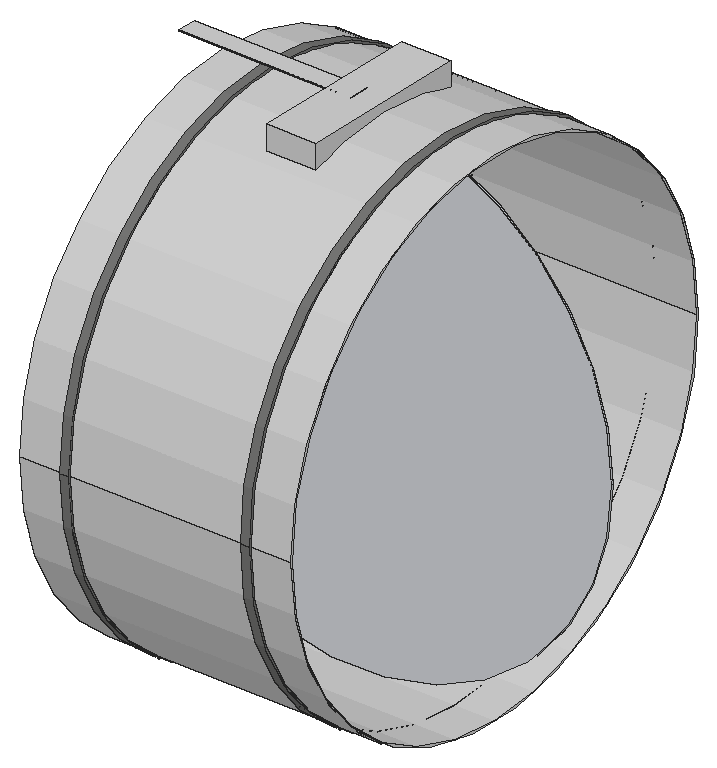
Revit family "НЕВАТОМ_Заслонка Р-D-ОЦ–Р.Р., Версия 2", category Арматура воздуховодов, Revit 2017
Family settings
  Размер круглого соединителя = Использовать диаметр
  Тип детали = Вставляется
  На основе рабочей плоскости = Нет
  Всегда вертикально = Нет
  При загрузке вырезать с полостями = Нет
  Общий = Нет
Parameters (values of type "Заслонка-Р-D-p.p.")
  ширина Ручка = 22 mm  # constant formula
  Ширина площадки [instance] = D / 3  # 186.667 mm
  Открыто = and(not(Закрыто))  # yes
  Материал уплотнителя = Материал уплотнителя
  Материал корпуса = Материал корпуса
  Закрыто = no
  t = 1 mm
  Nevatom_URL = "https://t.me/NEVATOM_Bim_bot"
  H [instance] = D / 2 + 10 mm  # 290 mm
  Dn [instance] = D + 6 mm  # 566 mm
  ADSK_Расход воздуха = 0.0 L/s
  ADSK_Потеря давления воздуха = 0.0 Pa
  ADSK_Материал наименование = "Оцинкованная сталь"  # constant formula
  ADSK_Количество = 1  # constant formula
  ADSK_URL документации изделия = ""
  A [instance] = size_lookup("НЕВАТОМ_Заслонка P-D-PP", "A", 0 mm, D)  # 55 mm
  Dt [instance] = D + 2 * t  # 562 mm
  L [instance] = size_lookup("НЕВАТОМ_Заслонка P-D-PP", "L", 0 mm, D)  # 190 mm
  D [instance] = 560 mm
  ADSK_Примечание = ""
  ADSK_Позиция = ""
  ADSK_Наименование = "Заслонка круглого сечения"  # constant formula
  ADSK_Марка [instance] = size_lookup("НЕВАТОМ_Заслонка P-D-PP", "", "нет типоразмера", D)  # "Заслонка-P-560-оц.-р.р."
  ADSK_Код изделия = ""
  ADSK_Завод-изготовитель = "НЕВАТОМ"  # constant formula
  ADSK_Единица измерения = "шт."  # constant formula
Reference planes
  plane 1 "По центру (Вперед/Назад)": y = 0
  plane 2: z = 0
  plane 3 "По центру (Влево/Вправо)": x = 0
  plane 4: y = 280
  plane 5: y = -280
  plane 6: x = -150
  plane 7: x = -95
  plane 8: x = 95
  plane 9: x = 150
  plane 10: z = 281
  plane 11: z = -281
  plane 12: y = -281
  plane 13: y = 281
  plane 14: y = -93.333
  plane 15: y = 93.333
Forms (mm)
  Extrusion 1, solid, material "Материал корпуса" <- "Материал корпуса"
    sketch origin (0, 0, 0) x (0, 1, 0) y (0, 0, 1)
      loop
        circle (0, 0) r 281
      loop
        circle (0, 0) r 280
    from -150 to 150
  Extrusion 2, solid, visible <- "Открыто"
    sketch origin (0, 0, 0) x (1, 0, 0) y (0, 0, 1)
      loop
        circle (0, 0) r 280
    from -0.5 to 0.5
  Extrusion 3, solid, material "Материал корпуса" <- "Материал корпуса", visible <- "Закрыто"
    sketch origin (0, 0, 0) x (0, 1, 0) y (0, 0, 1)
      loop
        circle (0.5, 0) r 280
    from -0.5 to 0.5
  Extrusion 4, solid, material "Материал уплотнителя" <- "Материал уплотнителя"
    sketch origin (0, 0, 0) x (0, 1, 0) y (0, 0, 1)
      loop
        circle (0.5, 0) r 281
      loop
        circle (0.5, 0) r 283
    from -105 to -95
  Extrusion 5, solid, material "Материал уплотнителя" <- "Материал уплотнителя"
    sketch origin (0, 0, 0) x (0, 1, 0) y (0, 0, -1)
      loop
        circle (0.5, 0) r 281
      loop
        circle (0.5, 0) r 283
    from -105 to -95
  Extrusion 6, solid, material "Материал корпуса"
    sketch origin (0, 0, 0) x (0, 1, 0) y (0, 0, 1)
      loop
        arc (-93.333, 263.987) -> (0, 280) -> (93.333, 263.987) r 280
        line (93.333, 263.987) -> (93.333, 290) -> (-93.333, 290) -> (-93.333, 263.987)
    from -27.5 to 27.5
  Extrusion 7, solid, material "Материал корпуса", visible <- "Закрыто"
    sketch origin (0, 0, 0) x (1, 0, 0) y (0, 1, 0)
      loop
        line (-11, 0) -> (-11, -190) -> (11, -190) -> (11, 0) -> (-11, 0)
    from 289 to 290
  Extrusion 8, solid, material "Материал корпуса", visible <- "Открыто"
    sketch origin (0, 0, 0) x (1, 0, 0) y (0, 1, 0)
      loop
        line (-190, 11) -> (-190, -11) -> (0, -11) -> (0, 11) -> (-190, 11)
    from 289 to 290
Dimensions and locks
  equal spacing: plane 7, plane 3 "По центру (Влево/Вправо)", plane 8
  "L": plane 7 to plane 8
  "A": plane 6 to plane 7
  "A": plane 8 to plane 9
  equal spacing: plane 4, plane 1 "По центру (Вперед/Назад)", plane 5
  "D": plane 4 to plane 5
  equal spacing: plane 10, level, plane 11
  "Dt": plane 10 to plane 11
  equal spacing: plane 12, plane 1 "По центру (Вперед/Назад)", plane 13
  "Dt": plane 12 to plane 13
  equal spacing: Extrusion 2, plane 1 "По центру (Вперед/Назад)", Extrusion 2
  "t": Extrusion 2 to Extrusion 2
  equal spacing: Extrusion 3, plane 3 "По центру (Влево/Вправо)", Extrusion 3
  "t": Extrusion 3 to Extrusion 3
  locked: Extrusion 4 to plane 7 at 10
  locked: plane 8 to Extrusion 5 at 10
  equal spacing: plane 14, plane 1 "По центру (Вперед/Назад)", plane 15
  "Ширина площадки": plane 14 to plane 15
  "H": Extrusion 6 sketch curve to level
  equal spacing: Extrusion 6, plane 3 "По центру (Влево/Вправо)", Extrusion 6
  "A": Extrusion 6 to Extrusion 6
  equal spacing: Extrusion 7 sketch curve, plane 3 "По центру (Влево/Вправо)", Extrusion 7 sketch curve
  "ширина Ручка": Extrusion 7 sketch curve to Extrusion 7 sketch curve
  "L": Extrusion 7 sketch curve to plane 1 "По центру (Вперед/Назад)"
  "t": Extrusion 7 to Extrusion 7
  equal spacing: Extrusion 8 sketch curve, plane 1 "По центру (Вперед/Назад)", Extrusion 8 sketch curve
  "ширина Ручка": Extrusion 8 sketch curve to Extrusion 8 sketch curve
  "L": Extrusion 8 sketch curve to plane 3 "По центру (Влево/Вправо)"
  "t": Extrusion 6 to Extrusion 8
  plane 6 to plane 9 = 300 mm
  "D": diameter of Extrusion 1 sketch curve
  "Dt": diameter of Extrusion 1 sketch curve
  "D": diameter of Extrusion 2 sketch curve
  "D": diameter of Extrusion 3 sketch curve
  "Dt": diameter of Extrusion 4 sketch curve
  "Dn": diameter of Extrusion 4 sketch curve
  "Dt": diameter of Extrusion 5 sketch curve
  "Dn": diameter of Extrusion 5 sketch curve
  aligned and locked: level to plane 2
  aligned and locked: Extrusion 1 to plane 6  (x2)
  aligned and locked: plane 9 to Extrusion 1
  aligned and locked: plane 7 to Extrusion 4
  aligned and locked: Extrusion 5 to plane 8
  aligned and locked: Extrusion 4 to plane 7
  aligned and locked: Extrusion 6 sketch curve to Extrusion 1
  aligned and locked: plane 1 "По центру (Вперед/Назад)" to Extrusion 7 sketch curve
  aligned and locked: Extrusion 6 to Extrusion 7
  aligned and locked: Extrusion 8 sketch curve to plane 3 "По центру (Влево/Вправо)"
  aligned and locked: Extrusion 6 to Extrusion 8
Automatic sketch dimensions
  Extrusion 1 sketch curve to Extrusion 1 sketch curve = 0 mm  (x2)
  Extrusion 1 sketch curve to level = 0 mm
  Extrusion 1 sketch curve to plane 1 "По центру (Вперед/Назад)" = 0 mm
  Extrusion 2 sketch curve to level = 0 mm
  Extrusion 2 sketch curve to plane 3 "По центру (Влево/Вправо)" = 0 mm
  Extrusion 3 sketch curve to level = 0 mm
  Extrusion 3 sketch curve to plane 1 "По центру (Вперед/Назад)" = 0.5 mm
  Extrusion 4 sketch curve to Extrusion 4 sketch curve = 0 mm  (x2)
  Extrusion 4 sketch curve to level = 0 mm
  Extrusion 4 sketch curve to plane 1 "По центру (Вперед/Назад)" = 0.5 mm
  Extrusion 5 sketch curve to Extrusion 5 sketch curve = 0 mm  (x2)
  Extrusion 5 sketch curve to level = 0 mm
  Extrusion 5 sketch curve to plane 1 "По центру (Вперед/Назад)" = 0.5 mm
  Extrusion 6 sketch curve to plane 14 = 0 mm
  Extrusion 6 sketch curve to plane 15 = 0 mm
Connectors
  hvac at (105, 0.5, 0), driven by "D"
    settings: on Extrusion 5, index 1, duct flow 0.0 L/s, flow factor 0, pres drop 0.0 Pa, loss coef 0, conn angle 0.00°, conn width 304.8 mm, conn height 304.8 mm, conn diameter 560 mm, duct sys type 28, conn prof type 0, flow config 0, flow direction 0, loss method 0, conn ref index 2, conn util no, is conn primary yes, conn desc ""
  hvac at (-105, 0.5, 0), driven by "D"
    settings: on Extrusion 4, index 2, duct flow 0.0 L/s, flow factor 0, pres drop 0.0 Pa, loss coef 0, conn angle 0.00°, conn width 304.8 mm, conn height 304.8 mm, conn diameter 560 mm, duct sys type 28, conn prof type 0, flow config 0, flow direction 0, loss method 0, conn ref index 1, conn util no, is conn primary no, conn desc ""
